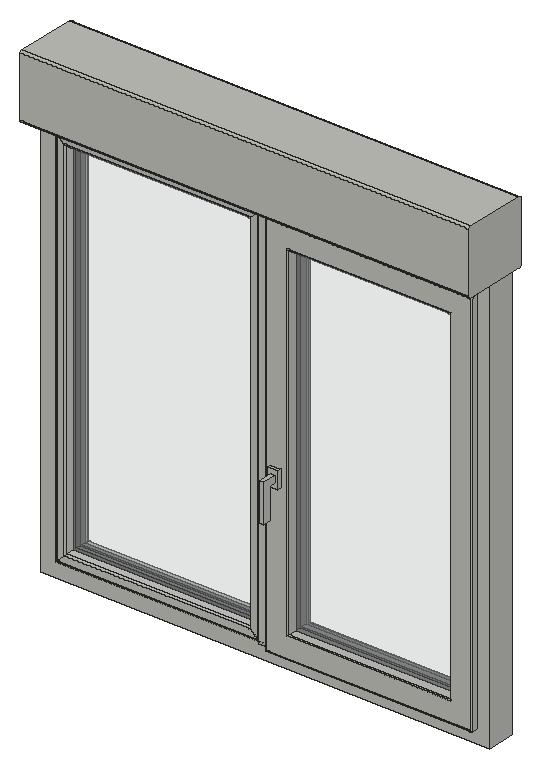
Revit family "2021_ES_Ventana_Replus_RE80-PVC-i30-11103_Cajon-Persiana", category Windows, host Wall, Revit 2021
Family settings
  Host = Wall
  OmniClass Number = 23.30.20.00
  OmniClass Title = Windows
  Always vertical = Yes
  Cut with Voids When Loaded = No
  Shared = No
  Room Calculation Point = No
Parameters (values of type "11103")
  Ι_Wll Thcknss [instance] = 200.000 mm
  Ι_Wdth Cntrl = if(Width < 791.000 mm, 791.000 mm, if(Width > 2961.000 mm, 2961.000 mm, Width))  # 1300.000 mm
  Ι_Nst Cntrl [instance] = if(Retranqueo > Ι_Wll Thcknss - 80.000 mm, Ι_Wll Thcknss - 80.000 mm, if(Retranqueo = Ι_Wll Thcknss - 80.000 mm, Ι_Wll Thcknss - 80.000 mm, Retranqueo))  # 0.000 mm
  Ι_Hndl Hght Cntrl = if(Altura de Manilla < 200.000 mm, 200.000 mm, if(Altura de Manilla > Ι_Hght Cntrl - 150.000 mm, Ι_Hght Cntrl - 150.000 mm, Altura de Manilla))  # 500.000 mm
  Ι_Hght Cntrl = if(Height < 429.000 mm, 429.000 mm, if(Height > 2658.000 mm, 2658.000 mm, Height))  # 1200.000 mm
  Zona = ""
  Visibilidad Líneas Apertura - Planta = yes
  Visibilidad Líneas Apertura - Alzado = yes
  Vida Util Esperada = ""
  Version Estandar GDO-BIM = "GDO-BIM V02"  # constant formula
  Version = "RVT2021"  # constant formula
  Verano de transmitancia termica = 0
  Unidad Medicion = ""
  Unidad = ""
  Uniclass2015 Titulo = ""
  Uniclass2015 Codigo = ""
  URL de Declaracion de Prestaciones = ""
  URL Producto = "https://replus.es/bim/"
  URL Perfil BIM = "https://bimetica.com/es/objeto-bim-replus-ventana-re80-pvc-i30-1-hoja-oscilobatiente-fijo-lateral-cajon-persiana-11106.html"
  URL = "https://replus.es/"
  UNSPSC Titulo = "Windows"  # constant formula
  UNSPSC Codigo = "30171600"  # constant formula
  Transmitancia termica invierno = 0
  Transmitancia solar = 0
  Transmitancia de ganancia de calor solar = 0
  Transmision de luz visible = 0
  Titular = "Regicarp, S.L."  # constant formula
  Tipo Embalaje Proteccion = ""
  Tiene antepecho interno = no
  Tiene antepecho externo = no
  Tiempo Util De Vida = ""
  Tiempo Medio Entre Fallos = ""
  Telefono Contacto = "+34 966544310"  # constant formula
  Soporte tecnico BIM = ""
  Sistema = ""
  Serie = ""
  Responsable Seguridad = ""
  Responsable Prescripcion = ""
  Responsable Compra = ""
  Residuos Peligrosos por Unidad = 0
  Residuos No Peligrosos por Unidad = 0
  Residuo Radioactivo por Unidad = 0
  Residuo Inerte por Unidad = 0
  Reflectancia solar = 0
  Reflectancia de luz visible = 0
  Referencia Unidad Funcional = ""
  Referencia Lote = ""
  Referencia Contacto Soporte Tecnico = ""
  Referencia Contacto Comercial Venta = ""
  Referencia = "RE 80/PVC/i30"
  Punto de Contacto = ""
  Proteccion con Malla = no
  Plataforma descaga contenido BIM = "www.bimetica.com"
  Periodo Garantia = ""
  Partida URL = ""
  Pais de Venta = ""
  Omniclass Titulo = "Plastic Windows"  # constant formula
  Omniclass Codigo = "23-17 13 17"  # constant formula
  Numero de Licencia = "XXXXXXXX8182 / No-aportada por bimboject AB (anterior)"  # constant formula
  Numero de Declaracion de Prestaciones = ""
  Numero Serie = ""
  Numero Articulo Global Comercial = ""
  Numero Articulo = ""
  Nivel de Riesgo = ""
  Material Envoltura = ""
  Material Contenedor = ""
  Material = PVC - Replus - 9152 - White
  Masterformat Titulo = "Plastic Windows"  # constant formula
  Masterformat Codigo = "08 53 00"  # constant formula
  Marcado CE = no
  Mantenimiento = ""
  Lugar Ensamblaje = ""
  Instrucciones Especiales = ""
  Informacion Tecnica = ""
  IfcExportType = "Oscilobatiente"
  IfcExportAs = "IfcWindow"  # constant formula
  Identificador Garantia = ""
  Historial = "(RVT2021) Actualización GDO-BIM (RVT2015) Creacion de Elemento"  # constant formula
  Gubimclass Titulo = "Ventanas de fachadas"  # constant formula
  Gubimclass Codigo = "30.10.20.10"  # constant formula
  Gas de Relleno = ""
  Garantia Extendida = no
  Fuente Datos LCA = ""
  Formacion Fotoquimica Ozono por Unidad = 0
  Fecha Vencimiento Elemento BIM = ""
  Fecha Suministro = ""
  Fecha Inicio Garantia = ""
  Fecha Fin Garantia = ""
  Fecha Evaluacion = ""
  Fecha Emision Elemento BIM = ""
  Fecha Compra = ""
  Fecha Colocacion = ""
  Fase Ciclo Vida = ""
  Falta de Recursos por Unidad = 0
  Exclusiones = ""
  Eutrofizacion por Unidad = 0
  Etiqueta Modelo = ""
  Estandar seguridad = ""
  Espesor de vidrio 3 = 0.000 mm
  Espesor de vidrio 2 = 0.000 mm
  Espesor de vidrio 1 = 0.000 mm
  Espacio libre acceso = 0.000 mm
  Espacio = ""
  Es templado = no
  Es recubierto = no
  Es laminado = no
  Es Exterior = yes
  Es Accesible = yes
  Energia consumida = 0
  Energia Renovable Consumida por Unidad = 0
  Energia Primaria Total Consumida por Unidad = 0
  Energia No Renovable Consumida por Unidad = 0
  Email Contacto = "info@replus.es"  # constant formula
  Destruccion Capa Ozono Estratosferica por Unidad = 0
  Descripcion Evaluacion = ""
  Dependiente De = ""
  Declaracion Ambiental de Producto URL = ""
  Creditos LEED = ""
  Creditos BREEAM = ""
  Coste Mantenimiento = 0
  Contenido Garantia = ""
  Contacto = ""
  Condiciones de Venta = ""
  Condiciones Evaluacion = ""
  Color de vidrio = ""
  Coeficiente de sombreado = 0
  Codigo Barras = ""
  Codigo = ""
  Clasificacion de carga de viento = ""
  Capas de vidrio = 0
  Cambio Climatico por Unidad = 0
  COBie Categoria = "IfcWindow"
  Base Precio Producto 03 = ""
  Base Precio Producto 02 = ""
  Base Precio Producto 01 = ""
  Autor = "Bimetica Parametric Design Services S.L. (actual) / bimobject AB (anterior)"  # constant formula
  Ano Produccion = ""
  Rough Width = Ι_Wdth Cntrl + 2 * Hueco  # 1320.000 mm
  Altura minima requerida = 0.000 mm
  Rough Height = Ι_Hght Cntrl + 2 * Hueco  # 1220.000 mm
  Retranqueo [instance] = 0.000 mm
  Product Material = PVC - Replus - 9152 - White
  Model = "11103"
  Material secondary = "Glass"
  Material main = "PVC"
  Manufacturer = "Replus"
  Keynote = "08500"
  I_Lf_Cntrl = (Ι_Wdth Cntrl - 36.800 mm) / 2 - 33.000 mm  # 598.600 mm
  I_Glss_Wdth = (Ι_Wdth Cntrl - 36.800 mm) / 2 - 33.000 mm  # 598.600 mm
  I_Glss_Hght_Crs_2 = Ι_Hght Cntrl - 2.000 mm * 56.8  # 1086.400 mm
  I_Glss_Hght_Crs = Ι_Hght Cntrl - 2.000 mm * 100.8  # 998.400 mm
  Hueco = 10.000 mm
  Height = 1200.000 mm
  Exceso Dimensiones = or(and(Height < 429.000 mm, Advertencia Dimensión), and(Width < 791.000 mm, Advertencia Dimensión), and(Width > 2961.000 mm, Advertencia Dimensión), and(Height > 2658.000 mm, Advertencia Dimensión))  # no
  Edition number = 1
  Description = "Perfiles de hoja oculta en PVC, mejorando sustancialmente el campo visual, con triple junta (mediante junta rigida en el marco) protegiendo de esta manera todos los puntos de cierre, aumentando la seguridad y proporcionando una junta perimetral completa, con perfilería de clasificación máxima S-II-A"
  Default Sill Height = 800.000 mm
  Wall Closure = By host
  Width = 1300.000 mm
  Assembly Code = "B2020100"
  Analytic Construction = "<None>"
  Altura de Manilla = 500.000 mm
  Agua Consumida por Unidad = 0
  Advertencia Dimensión = yes
  Acidificacion Atmosferica por Unidad = 0
  Acabado = ""
  Absorcion solar = 0
Reference planes
  plane 1 "Center (Front/Back)": y = 0
  plane 2 "Center (Left/Right)": x = 0
  plane 3 "Left": x = -660
  plane 4 "Right": x = 660
  plane 5 "Sill": z = 800
  plane 6 "Head": z = 2205
  plane 7 "Exterior": y = 100
  plane 8 "Interior": y = -100
  plane 9: x = -650
  plane 10: x = 650
  plane 11: z = 2010
  plane 12: z = 810
  plane 13 "Inset": y = -20
  plane 14: x = -613.2
  plane 15: x = 613.2
  plane 16: z = 1973.2
  plane 17: z = 1410
  plane 18: y = -51.5
  plane 19: z = 1950.389
  plane 20: z = 869.611
  plane 21: x = 63.191
  plane 22: x = -37.006
  plane 23: x = 44.5
  plane 24: x = -325
  plane 25: x = 325
  plane 26: x = -3
  plane 27 "1": x = 3
  plane 28: x = -43.006
  plane 29: x = 79.191
  plane 30: z = 1944.389
  plane 31: z = 875.611
  plane 32: z = 1310
  plane 33 "Leaf": x = 15.191
  plane 34 "a": x = -605.2
  plane 35 "b": x = -21.05
  plane 36 "c": z = 1965.2
  plane 37 "d": z = 854.6
  plane 38: x = -612.2
  plane 39: z = 1972.2
  plane 40 "glass": y = -38.5
  plane 41: y = -42.5
  plane 42: y = -56.5
  plane 43: y = -60.5
  plane 44: y = -74.5
  plane 45: y = -78.5
  plane 46: x = -53.014
  plane 47: z = 1929.73
  plane 48: z = 886.664
  plane 49: z = 890.07
  plane 50: z = 1925.2
  plane 51: z = 1907
  plane 52: z = 894.8
  plane 53: z = 912.8
  plane 54: y = 500
  plane 55: x = 58.191
  plane 56 "12": z = 1930.2
  plane 57 "23": z = 889.8
  plane 58: y = -38.5
  plane 59: y = -118.5
  plane 60: y = -78.5
  plane 61: y = -60.5
  plane 62: x = -578.189
  plane 63: x = -580.2
  plane 64: z = 1953.2
  plane 65 "coarse": y = -69.25
  plane 66: z = 881.861
  plane 67 "r4": z = 879.8
  plane 68: z = 1938.389
  plane 69 "r3": z = 1940.2
  plane 70: z = 1909.2
  plane 71: x = 565.2
  plane 72: x = 570.2
  plane 73: x = 549.2
  plane 74 "r1": x = 48.191
  plane 75 "r2": x = 580.2
  plane 76: y = -100
  plane 77: y = -46.5
  plane 78: y = -64.5
  plane 79: y = -68.5
  plane 80: y = -86.5
  plane 81: y = -90.5
  plane 82: z = 910.8
  plane 83: z = 866.8
  plane 84: x = -584.189
  plane 85: y = 10
  plane 86: z = 2195
Forms (mm)
  Sweep 1, solid, material "PVC - Replus - 9152 - White" <- "Product Material", detail levels fine
    path origin (0, -20, 0) x (-1, 0, 0) y (0, 0, 1)
      loop
        line (650, 2010) -> (-650, 2010) -> (-650, 810) -> (650, 810) -> (650, 2010)
    profile origin (-650, -20, 1410) x (1, 0, 0) y (0, 1, 0)
      loop
        line (0, -80) -> (43.8, -80)
        arc (43.8, -80) -> (44.507, -79.707) -> (44.8, -79) r 1
        line (44.8, -79) -> (44.8, -38) -> (63.811, -38) -> (63.811, -18.5) -> (75.767, -18.5)
        arc (75.767, -18.5) -> (76.56, -18.109) -> (76.733, -17.241) r 1
        line (76.733, -17.241) -> (72.709, -2.224)
        arc (72.709, -2.224) -> (71.637, -0.62) -> (69.811, 0) r 3
        line (69.811, 0) -> (0, 0) -> (0, -80)
  Extrusion 2, solid, material "Glass - Replus", detail levels fine
    sketch origin (0, 0, 0) x (1, 0, 0) y (0, 1, 0)
      loop
        line (63.191, -46.5) -> (565.2, -46.5) -> (565.2, -42.5) -> (63.191, -42.5) -> (63.191, -46.5)
      loop
        line (63.191, -64.5) -> (63.191, -68.5) -> (565.2, -68.5) -> (565.2, -64.5) -> (63.191, -64.5)
      loop
        line (63.191, -86.5) -> (63.191, -90.5) -> (565.2, -90.5) -> (565.2, -86.5) -> (63.191, -86.5)
    from 894.8 to 1925.2
  Sweep 3, solid, material "PVC - Replus - 9152 - White" <- "Product Material", detail levels fine
    path origin (0, -20, 0) x (-1, 0, 0) y (0, 0, 1)
      loop
        line (0, 1973.2) -> (0, 846.8)
    profile origin (0, -20, 1410) x (0, 1, 0) y (-1, 0, 0)
      loop
        line (-79, -23.141) -> (-67.975, -23.141) -> (-67.975, -20.141) -> (-38, -20.141) -> (-38, -42.152) -> (-36.218, -42.152) -> (-28.93, -29.53) -> (-14.937, -28.305) -> (-12.933, -42.561) -> (-18.5, -43.344) -> (-18.5, -55.411) -> (-2.224, -51.05)
        arc (-2.224, -51.05) -> (-0.62, -49.978) -> (0, -48.152) r 3
        line (0, -48.152) -> (0, 46.852)
        arc (0, 46.852) -> (-0.62, 48.679) -> (-2.224, 49.75) r 3
        line (-2.224, 49.75) -> (-18.5, 54.111) -> (-18.5, 42.044) -> (-12.933, 41.262) -> (-14.937, 27.006) -> (-28.93, 28.23) -> (-36.218, 40.852) -> (-38, 40.852) -> (-38, 18.842) -> (-67.975, 18.842) -> (-67.975, 20.995) -> (-75.579, 20.995) -> (-79, 20.995)
        arc (-79, 20.995) -> (-79.707, 20.702) -> (-80, 19.995) r 1
        line (-80, 19.995) -> (-80, -22.141)
        arc (-80, -22.141) -> (-79.707, -22.848) -> (-79, -23.141) r 1
  Sweep 4, solid, material "PVC - Replus - 9152 - White" <- "Product Material", detail levels fine
    path origin (0, -20, 0) x (-1, 0, 0) y (0, 0, 1)
      loop
        line (-613.2, 1973.2) -> (-613.2, 846.8) -> (-15.191, 846.8) -> (-15.191, 1973.2) -> (-613.2, 1973.2)
    profile origin (15.191, -20, 1410) x (0, 1, 0) y (-1, 0, 0)
      loop
        line (-32.5, -33) -> (-42, -33) -> (-42, -27.5) -> (-42, -20) -> (-80, -20) -> (-80, -7.5) -> (-80, 0) -> (-95.5, 0)
        arc (-95.5, 0) -> (-97.621, -0.879) -> (-98.5, -3) r 3
        line (-98.5, -3) -> (-98.5, -61)
        arc (-98.5, -61) -> (-97.621, -63.121) -> (-95.5, -64) r 3
        line (-95.5, -64) -> (-70.5, -64) -> (-70.5, -43) -> (-22.5, -43) -> (-22.5, -40.495) -> (-22.5, -33) -> (-32.5, -33)
  Sweep 5, solid, material "PVC - Replus - 9152 - White" <- "Product Material", detail levels medium
    path origin (0, -20, 0) x (-1, 0, 0) y (0, 0, 1)
      loop
        line (650, 2010) -> (-650, 2010) -> (-650, 810) -> (650, 810) -> (650, 2010)
    profile origin (-650, -20, 1410) x (1, 0, 0) y (0, 1, 0)
      loop
        line (0, -80) -> (56.8, -80) -> (56.8, -42) -> (69.8, -42) -> (69.8, -18.5) -> (76.662, -18.5) -> (76.662, 0) -> (0, 0) -> (0, -80)
  Sweep 6, solid, material "PVC - Replus - 9152 - White" <- "Product Material", detail levels medium
    path origin (0, -20, 0) x (-1, 0, 0) y (0, 0, 1)
      loop
        line (-15.191, 1973.2) -> (-613.2, 1973.2) -> (-613.2, 846.8) -> (-15.191, 846.8) -> (-15.191, 1973.2)
    profile origin (15.191, -20, 1410) x (1, 0, 0) y (0, 1, 0)
      loop
        line (20, -42) -> (20, -80) -> (0, -80) -> (0, -98.5) -> (64, -98.5) -> (64, -70.5) -> (43, -70.5) -> (43, -22.5) -> (33, -22.5) -> (33, -42) -> (20, -42)
  Sweep 7, solid, material "Rubber - Replus - Black", detail levels fine
    path origin (0, -20, 0) x (-1, 0, 0) y (0, 0, 1)
      loop
        line (578.189, 1938.389) -> (43.006, 1938.389) -> (43.006, 881.861) -> (578.189, 881.861) -> (578.189, 1938.389)
    profile "Profile 06 - Fijo Inferior - Metal Glass Seal Leaf Narrow FW - M : Profile 06 - Fijo Inferior - Metal Glass Seal Leaf Narrow" origin (-43.006, -20, 1410.125) x (-1, 0, 0) y (0, 1, 0)
      loop
        line (8, -36.5) -> (8, -22.5) -> (0, -22.5) -> (0, -36.5) -> (8, -36.5)
      loop
        line (8, -54.5) -> (8, -40.5) -> (0, -40.5) -> (0, -54.5) -> (8, -54.5)
  Sweep 8, solid, material "PVC - Replus - 9152 - White" <- "Product Material", detail levels coarse
    path origin (0, -20, 0) x (-1, 0, 0) y (0, 0, 1)
      loop
        line (650, 2010) -> (-650, 2010) -> (-650, 810) -> (650, 810) -> (650, 2010)
    profile origin (-650, -20, 1410) x (1, 0, 0) y (0, 1, 0)
      loop
        line (0, -80) -> (56.8, -80) -> (56.8, -18.5) -> (76.662, -18.5) -> (76.662, 0) -> (0, 0) -> (0, -80)
  Sweep 9, solid, material "PVC - Replus - 9152 - White" <- "Product Material", detail levels coarse
    path origin (0, -20, 0) x (-1, 0, 0) y (0, 0, 1)
      loop
        line (-15.191, 1973.2) -> (-613.2, 1973.2) -> (-613.2, 846.8) -> (-15.191, 846.8) -> (-15.191, 1973.2)
    profile origin (15.191, -20, 1410) x (1, 0, 0) y (0, 1, 0)
      loop
        line (20, -75.1) -> (20, -80) -> (7.5, -80) -> (0, -80) -> (0, -98.5) -> (64, -98.5) -> (64, -18.5) -> (43, -18.5) -> (40.495, -18.5) -> (20, -18.5) -> (20, -75.1)
  Extrusion 10, solid, material "Glass - Replus", detail levels medium
    sketch origin (0, 0, 0) x (1, 0, 0) y (0, 1, 0)
      loop
        line (570.2, -42.5) -> (58.191, -42.5) -> (58.191, -90.5) -> (570.2, -90.5) -> (570.2, -42.5)
    from 889.8 to 1930.2
  Sweep 11, solid, material "PVC - Replus - 9152 - White" <- "Product Material", detail levels coarse
    path origin (0, -20, 0) x (-1, 0, 0) y (0, 0, 1)
      loop
        line (0, 854.6) -> (0, 1965.2)
    profile origin (0, -20, 1409.9) x (1, 0, 0) y (0, 1, 0)
      loop
        line (-53.014, -80) -> (35.191, -80) -> (35.191, 0) -> (-53.014, 0) -> (-53.014, -80)
  Sweep 12, solid, material "PVC - Replus - 9152 - White" <- "Product Material", detail levels fine
    path origin (0, -20, 0) x (-1, 0, 0) y (0, 0, 1)
      loop
        line (612.2, 1972.2) -> (13.995, 1972.2) -> (13.995, 847.8) -> (612.2, 847.8) -> (612.2, 1972.2)
    profile origin (-612.2, -20, 1410) x (1, 0, 0) y (0, 1, 0)
      loop
        line (8.15, -79.982) -> (27.819, -79.284)
        arc (27.819, -79.284) -> (30.754, -78.201) -> (32.47, -75.585) r 4.995
        line (32.47, -75.585) -> (37.048, -58.5) -> (29.292, -58.5) -> (21.485, -66.307) -> (21.485, -69.507) -> (7, -69.507) -> (7, -76.2) -> (7, -78.872)
        arc (7, -78.872) -> (7.339, -79.671) -> (8.15, -79.982) r 1.111
  Sweep 13, solid, material "PVC - Replus - 9152 - White" <- "Product Material", detail levels medium
    path origin (120, -20, 0) x (-1, 0, 0) y (0, 0, 1)
      loop
        line (120, 854.6) -> (120, 1965.2)
    profile origin (0, -20, 1409.9) x (1, 0, 0) y (0, 1, 0)
      loop
        line (-37.006, -18.5) -> (-37.006, -64.786) -> (-35.486, -66.307) -> (-33, -66.307) -> (-33, -80) -> (35.191, -80) -> (35.191, -42) -> (48.191, -42) -> (48.191, -18.5) -> (54.365, -18.5) -> (54.365, 0) -> (-53.014, 0) -> (-53.014, -18.5) -> (-37.006, -18.5)
  Sweep 14, solid, material "PVC - Replus - 9152 - White" <- "Product Material", detail levels medium
    path origin (0, -20, 0) x (-1, 0, 0) y (0, 0, 1)
      loop
        line (612.2, 1972.2) -> (14, 1972.2) -> (14, 847.8) -> (612.2, 847.8) -> (612.2, 1972.2)
    profile origin (-612.2, -20, 1410) x (1, 0, 0) y (0, 1, 0)
      loop
        line (19, -80) -> (31.287, -80) -> (37.048, -58.5) -> (29.292, -58.5) -> (21.485, -66.307) -> (19, -66.307) -> (19, -80)
  Extrusion 15, solid, material "Glass - Replus", detail levels fine
    sketch origin (0, 0, 0) x (1, 0, 0) y (0, 1, 0)
      loop
        line (-584.189, -38.5) -> (-584.189, -42.5) -> (-37.006, -42.5) -> (-37.006, -38.5) -> (-584.189, -38.5)
      loop
        line (-584.189, -56.5) -> (-584.189, -60.5) -> (-37.006, -60.5) -> (-37.006, -56.5) -> (-584.189, -56.5)
      loop
        line (-584.189, -74.5) -> (-584.189, -78.5) -> (-37.006, -78.5) -> (-37.006, -74.5) -> (-584.189, -74.5)
    from 875.611 to 1944.389
  Extrusion 16, solid, material "Glass - Replus", detail levels medium
    sketch origin (0, 0, 0) x (1, 0, 0) y (0, 1, 0)
      loop
        line (-580.2, -38.5) -> (-580.2, -78.5) -> (-37.006, -78.5) -> (-37.006, -38.5) -> (-580.2, -38.5)
    from 879.8 to 1940.2
  Extrusion 17, solid, material "Glass - Replus", detail levels coarse
    sketch origin (-15.198, 0, 0) x (1, 0, 0) y (0, 1, 0)
      loop
        line (94.389, -38.5) -> (94.389, -118.5) -> (564.398, -118.5) -> (564.398, -38.5) -> (94.389, -38.5)
    from 910.8 to 1909.2
  Extrusion 18, solid, material "Glass - Replus", detail levels coarse
    sketch origin (0, 0, 0) x (1, 0, 0) y (0, 1, 0)
      loop
        line (-593.2, -38.5) -> (-593.2, -100) -> (-53.014, -100) -> (-53.014, -38.5) -> (-593.2, -38.5)
    from 866.8 to 1953.2
  Sweep 19, solid, material "Rubber - Replus - Black", detail levels medium+fine
    path origin (0, -20, 0) x (-1, 0, 0) y (0, 0, 1)
      loop
        line (-48.191, 1940.2) -> (-580.2, 1940.2) -> (-580.2, 879.8) -> (-48.191, 879.8) -> (-48.191, 1940.2)
    profile origin (48.191, -20, 1410) x (1, 0, 0) y (0, 1, 0)
      loop
        line (0, -22.5) -> (31, -22.5) -> (31, -18.5) -> (0, -18.5) -> (0, -22.5)
  Sweep 20, solid, material "Rubber - Replus - Black", detail levels fine
    path origin (0, -20, 0) x (-1, 0, 0) y (0, 0, 1)
      loop
        line (-48.191, 1940.2) -> (-580.2, 1940.2) -> (-580.2, 879.8) -> (-48.191, 879.8) -> (-48.191, 1940.2)
    profile origin (48.191, -20, 1410) x (1, 0, 0) y (0, 1, 0)
      loop
        line (21, -26.5) -> (21, -44.5) -> (27, -44.5) -> (27, -26.5) -> (21, -26.5)
      loop
        line (21, -66.5) -> (27, -66.5) -> (27, -48.5) -> (21, -48.5) -> (21, -66.5)
Cuts and joins
  joined: Sweep 8, Sweep 11
  joined: Sweep 5, Sweep 13
Lines and regions (mm)
  Opening 1
    outline origin (3500, -100, 0) x (1, 0, 0) y (0, 0, 1)
      loop
        line (-2840, 800) -> (-2840, 2205) -> (-4160, 2205) -> (-4160, 800) -> (-2840, 800)
  symbolic lines, style "Symbolic Lines Replus", visible <- "Visibilidad Líneas Apertura - Alzado"
    curve 1: line (325, -20, 1909.198) -> (79.191, -20, 910.8)
    curve 2: line (325, -20, 1909.198) -> (549.2, -20, 910.8)
    curve 3: line (77.191, -20, 1310) -> (549.2, -20, 1909.2)
    curve 4: line (77.191, -20, 1310) -> (549.2, -20, 910.8)
  symbolic lines, detail levels coarse
    curve 5: line (549.2, -78.5, 0) -> (79.191, -78.5, 0)
    curve 6: line (-593.2, -69.25, 0) -> (-53.014, -69.25, 0)
  symbolic lines, visible <- "Visibilidad Líneas Apertura - Planta"
    curve 7: line (613.2, -118.5, 0) -> (613.2, -716.509, 0)
    curve 12: arc (15.191, -118.5, 0) -> (190.998, -542.009, 0) -> (615.049, -716.506, 0) r 598.009
  model lines, style "Symbolic Lines Replus", visible <- "Visibilidad Líneas Apertura - Alzado"
    curve 8: line (549.2, -38.5, 1909.2) -> (77.191, -38.5, 1310)
    curve 9: line (77.191, -38.5, 1310) -> (549.2, -38.5, 910.8)
    curve 10: line (325, -38.5, 1909.2) -> (79.191, -38.5, 910.8)
    curve 11: line (325, -38.5, 1909.2) -> (549.2, -38.5, 910.8)
Text (mm)
  text "EXTERIOR" at (-1963.203, 1332.353, 0), in view "Ref. Level"
  text "INTERIOR" at (-1981.466, -818.386, 0), in view "Ref. Level"
  text "Exterior" at (0, 923.751, 2943.296), in view "Right"
  text "Exterior" at (0, 1040.484, 2685.409), in view "Left"
Dimensions and locks
  equal spacing: plane 3 "Left", plane 2 "Center (Left/Right)", plane 4 "Right"
  "Ι_Wdth Cntrl": plane 9 to plane 10
  "Ι_Hght Cntrl": plane 12 to plane 11
  "Default Sill Height": plane 5 "Sill" to level
  locked: plane 7 "Exterior" to host wall
  locked: plane 8 "Interior" to host wall
  "Hueco": plane 3 "Left" to plane 9
  "Hueco": plane 10 to plane 4 "Right"
  "Hueco": plane 12 to plane 5 "Sill"
  locked: plane 9 to plane 14 at 36.8
  locked: plane 15 to plane 10 at 36.8
  plane 13 "Inset" to plane 18 = 31.500 mm
  locked: plane 2 "Center (Left/Right)" to plane 23 at 44.5
  equal spacing: plane 11, plane 17, plane 12
  equal spacing: plane 9, plane 24, plane 2 "Center (Left/Right)"
  equal spacing: plane 10, plane 25, plane 2 "Center (Left/Right)"
  locked: plane 26 to plane 2 "Center (Left/Right)" at 3
  locked: plane 2 "Center (Left/Right)" to plane 27 "1" at 3
  "Ι_Wll Thcknss": host wall to host wall
  locked: plane 14 to plane 34 "a" at 8
  locked: plane 14 to plane 38 at 1
  locked: plane 28 to plane 22 at 6
  plane 45 to plane 44 to plane 43 to plane 42 to plane 41 to plane 40 "glass" = 4.000 mm locked, 14.000 mm locked, 4.000 mm locked, 14.000 mm locked, 4.000 mm locked
  locked: plane 40 "glass" to plane 13 "Inset" at 18.5
  locked: plane 21 to plane 29 at 16
  locked: plane 54 to plane 7 "Exterior" at 400
  "Ι_Hndl Hght Cntrl": plane 32 to plane 12
  plane 13 "Inset" to plane 58 to plane 59 = 18.500 mm locked, 80.000 mm locked
  locked: plane 60 to plane 58 at 40
  locked: plane 65 "coarse" to plane 58 at 30.75
  plane 11 to plane 16 to plane 39 to plane 36 "c" to plane 64 to plane 19 to plane 30 = 36.800 mm locked, 1.000 mm locked, 7.000 mm locked, 12.000 mm locked, 2.811 mm locked, 6.000 mm locked
  plane 30 to plane 56 "12" to plane 47 to plane 50 to plane 51 = 14.189 mm locked, 0.470 mm locked, 4.530 mm locked, 18.200 mm locked
  plane 53 to plane 52 to plane 49 to plane 57 "23" to plane 48 to plane 66 to plane 67 "r4" to plane 31 to plane 20 to plane 37 "d" to plane 12 = 18.000 mm locked, 4.730 mm locked, 0.270 mm locked, 3.136 mm locked, 4.803 mm locked, 2.061 mm locked, 4.189 mm locked, 6.000 mm locked, 15.011 mm locked, 44.600 mm locked
  locked: plane 30 to plane 68 at 6
  locked: plane 30 to plane 69 "r3" at 4.189
  locked: plane 70 to plane 51 at 2.2
  plane 73 to plane 71 to plane 72 to plane 15 = 16.000 mm locked, 5.000 mm locked, 43.000 mm locked
  locked: plane 23 to plane 74 "r1" at 3.691
  locked: plane 72 to plane 75 "r2" at 10
  plane 34 "a" to plane 63 to plane 62 = 25.000 mm locked, 2.011 mm locked
  locked: plane 13 "Inset" to plane 76 at 80
  "Ι_Nst Cntrl": plane 8 "Interior" to plane 76
  plane 81 to plane 80 to plane 79 to plane 78 to plane 77 to plane 41 = 4.000 mm locked, 18.000 mm locked, 4.000 mm locked, 18.000 mm locked, 4.000 mm locked
  locked: plane 55 to plane 21 at 5
  plane 53 to plane 82 = 2.000 mm
  locked: plane 20 to plane 83 at 2.811
  locked: plane 84 to plane 63 at 3.989
  locked: plane 35 "b" to Sweep 12 sketch curve at 7.055
  locked: plane 85 to plane 13 "Inset" at 30
  locked: plane 86 to plane 11 at 185
  "Hueco": plane 6 "Head" to plane 86
  aligned and locked: Sweep 1 sketch curve to plane 11
  aligned and locked: Sweep 1 sketch curve to plane 10
  aligned and locked: plane 9 to Sweep 1 sketch curve
  aligned and locked: plane 12 to Sweep 1 sketch curve
  aligned and locked: plane 2 "Center (Left/Right)" to Sweep 3 sketch curve  (x2)
  aligned and locked: Sweep 4 sketch curve to plane 16
  aligned and locked: plane 15 to Sweep 4 sketch curve
  aligned and locked: Sweep 5 sketch curve to plane 10
  aligned and locked: plane 9 to Sweep 5 sketch curve
  aligned and locked: plane 12 to Sweep 5 sketch curve
  aligned and locked: Sweep 5 sketch curve to plane 11
  aligned and locked: Sweep 6 sketch curve to plane 16
  aligned and locked: plane 15 to Sweep 6 sketch curve
  aligned and locked: plane 9 to Sweep 8 sketch curve
  aligned and locked: Sweep 8 sketch curve to plane 11
  aligned and locked: Sweep 8 sketch curve to plane 10
  aligned and locked: plane 12 to Sweep 8 sketch curve
  aligned and locked: Sweep 9 sketch curve to plane 16
  aligned and locked: plane 15 to Sweep 9 sketch curve
  aligned and locked: plane 2 "Center (Left/Right)" to Sweep 11 sketch curve  (x2)
  aligned and locked: plane 16 to Sweep 3 sketch curve
  aligned and locked: plane 28 to Sweep 7 sketch curve
  aligned and locked: plane 33 "Leaf" to Sweep 6 sketch curve
  aligned and locked: plane 33 "Leaf" to Sweep 9 sketch curve
  aligned and locked: Sweep 4 sketch curve to plane 33 "Leaf"
  aligned and locked: plane 38 to Sweep 12 sketch curve
  aligned and locked: Sweep 12 sketch curve to plane 39
  aligned and locked: plane 2 "Center (Left/Right)" to Sweep 13 sketch curve  (x2)
  aligned and locked: Extrusion 2 to plane 52
  aligned and locked: Extrusion 2 to plane 50
  aligned and locked: plane 44 to Extrusion 15 sketch curve
  aligned and locked: Extrusion 15 sketch curve to plane 45
  aligned and locked: Extrusion 15 sketch curve to plane 43
  aligned and locked: plane 42 to Extrusion 15 sketch curve
  aligned and locked: plane 40 "glass" to Extrusion 15 sketch curve
  aligned and locked: Extrusion 15 sketch curve to plane 41
  aligned and locked: plane 22 to Extrusion 15 sketch curve  (x3)
  aligned and locked: plane 40 "glass" to Extrusion 16 sketch curve
  aligned and locked: plane 22 to Extrusion 16 sketch curve
  aligned and locked: Sweep 14 sketch curve to plane 39
  aligned and locked: plane 38 to Sweep 14 sketch curve
  aligned and locked: plane 36 "c" to Sweep 13 sketch curve
  aligned and locked: plane 37 "d" to Sweep 13 sketch curve
  aligned and locked: plane 36 "c" to Sweep 11 sketch curve
  aligned and locked: plane 37 "d" to Sweep 11 sketch curve
  aligned and locked: nested 2 to plane 54
  aligned and locked: nested 2 to plane 2 "Center (Left/Right)"
  aligned and locked: plane 32 to curve 4
  aligned and locked: Extrusion 10 sketch curve to plane 55
  aligned and locked: Extrusion 10 to plane 56 "12"
  aligned and locked: Extrusion 10 to plane 57 "23"
  aligned and locked: Extrusion 17 sketch curve to plane 59
  aligned and locked: plane 58 to Extrusion 17 sketch curve
  aligned and locked: plane 25 to curve 2
  aligned and locked: curve 5 to plane 60
  aligned and locked: plane 60 to curve 5
  aligned and locked: plane 62 to Sweep 7 sketch curve
  aligned and locked: plane 63 to Extrusion 16 sketch curve
  aligned and locked: plane 46 to Extrusion 18 sketch curve
  aligned and locked: plane 58 to Extrusion 18 sketch curve
  aligned and locked: plane 64 to Extrusion 18
  aligned and locked: plane 65 "coarse" to curve 6  (x2)
  aligned and locked: plane 46 to curve 6
  aligned and locked: plane 30 to Extrusion 15
  aligned and locked: Extrusion 16 to plane 67 "r4"
  aligned and locked: Extrusion 15 to plane 31
  aligned and locked: plane 66 to Sweep 7 sketch curve
  aligned and locked: Sweep 7 sketch curve to plane 68
  aligned and locked: plane 69 "r3" to Extrusion 16
  aligned and locked: plane 15 to curve 7
  aligned and locked: plane 70 to curve 8
  aligned and locked: plane 70 to curve 10
  aligned and locked: plane 25 to curve 10
  aligned and locked: plane 24 to nested 3
  aligned and locked: plane 64 to nested 3
  aligned and locked: plane 65 "coarse" to nested 3
  aligned and locked: plane 59 to curve 12
  aligned and locked: plane 33 "Leaf" to curve 12
  aligned and locked: plane 59 to curve 7
  aligned and locked: plane 25 to nested 4
  aligned and locked: plane 60 to nested 4
  aligned and locked: plane 70 to nested 4
  aligned and locked: Extrusion 17 to plane 70
  aligned and locked: plane 32 to curve 8
  aligned and locked: Extrusion 10 sketch curve to plane 41
  aligned and locked: Extrusion 2 sketch curve to plane 21
  aligned and locked: plane 21 to Extrusion 2 sketch curve  (x2)
  aligned and locked: Extrusion 2 sketch curve to plane 71
  aligned and locked: plane 71 to Extrusion 2 sketch curve  (x2)
  aligned and locked: plane 73 to Extrusion 17 sketch curve
  aligned and locked: Extrusion 10 sketch curve to plane 72
  aligned and locked: Sweep 19 sketch curve to plane 69 "r3"
  aligned and locked: plane 67 "r4" to Sweep 19 sketch curve
  aligned and locked: plane 74 "r1" to Sweep 19 sketch curve
  aligned and locked: plane 75 "r2" to Sweep 19 sketch curve
  aligned and locked: plane 74 "r1" to Sweep 20 sketch curve
  aligned and locked: plane 75 "r2" to Sweep 20 sketch curve
  aligned and locked: Sweep 20 sketch curve to plane 69 "r3"
  aligned and locked: plane 67 "r4" to Sweep 20 sketch curve
  aligned and locked: plane 29 to Extrusion 17 sketch curve
  aligned and locked: nested 1 to plane 32
  aligned and locked: plane 23 to nested 1
  aligned and locked: plane 77 to Extrusion 2 sketch curve
  aligned and locked: Extrusion 2 sketch curve to plane 41
  aligned and locked: plane 78 to Extrusion 2 sketch curve
  aligned and locked: Extrusion 2 sketch curve to plane 79
  aligned and locked: plane 80 to Extrusion 2 sketch curve
  aligned and locked: Extrusion 2 sketch curve to plane 81
  aligned and locked: plane 81 to Extrusion 10 sketch curve
  aligned and locked: Extrusion 16 sketch curve to plane 60
  aligned and locked: plane 29 to curve 5
  aligned and locked: plane 73 to curve 5
  aligned and locked: Extrusion 18 sketch curve to plane 76
  aligned and locked: Extrusion 17 to plane 82
  aligned and locked: Extrusion 18 to plane 83
  aligned and locked: plane 84 to Extrusion 15 sketch curve  (x3)
  aligned and locked: plane 73 to curve 3
  aligned and locked: plane 70 to curve 3
  aligned and locked: plane 73 to curve 4
  aligned and locked: plane 82 to curve 4
  aligned and locked: plane 70 to Extrusion 17
  aligned and locked: plane 73 to Extrusion 17
  aligned and locked: plane 82 to curve 11
  aligned and locked: plane 82 to Extrusion 17  (x2)
  aligned and locked: plane 29 to Extrusion 17
  aligned and locked: plane 29 to curve 10
  aligned and locked: plane 82 to curve 10
  aligned and locked: nested 5 to plane 2 "Center (Left/Right)"
  aligned and locked: nested 5 to plane 11
  aligned and locked: plane 85 to nested 5
Automatic sketch dimensions
  plane 3 "Left" to Opening 1 sketch curve = 0.000 mm
  plane 4 "Right" to Opening 1 sketch curve = 0.000 mm
  Opening 1 sketch curve to plane 5 "Sill" = 0.000 mm
  Opening 1 sketch curve to plane 6 "Head" = 0.000 mm
  Sweep 5 sketch curve to profile plane = 0.000 mm
  Sweep 5 sketch curve to plane 13 "Inset" = 0.000 mm
  Sweep 5 sketch curve to profile plane = 56.800 mm
  Sweep 5 sketch curve to Sweep 5 sketch curve = 13.000 mm
  Sweep 5 sketch curve to Sweep 5 sketch curve = 6.862 mm
  Sweep 5 sketch curve to plane 13 "Inset" = 18.500 mm
  Sweep 5 sketch curve to Sweep 5 sketch curve = 23.500 mm
  Sweep 5 sketch curve to Sweep 5 sketch curve = 38.000 mm
  Sweep 1 sketch curve to profile plane = 0.000 mm
  Sweep 1 sketch curve to plane 13 "Inset" = 0.000 mm
  Sweep 1 sketch curve to profile plane = 43.800 mm
  Sweep 1 sketch curve to Sweep 1 sketch curve = 1.000 mm
  Sweep 1 sketch curve to Sweep 1 sketch curve = 19.011 mm
  Sweep 1 sketch curve to Sweep 1 sketch curve = 6.000 mm
  Sweep 1 sketch curve to plane 13 "Inset" = 2.224 mm
  Sweep 1 sketch curve to Sweep 1 sketch curve = 2.898 mm
  Sweep 1 sketch curve to Sweep 1 sketch curve = 11.956 mm
  Sweep 1 sketch curve to plane 13 "Inset" = 17.241 mm
  Sweep 1 sketch curve to Sweep 1 sketch curve = 0.966 mm
  Sweep 1 sketch curve to Sweep 1 sketch curve = 0.259 mm
  Sweep 1 sketch curve to Sweep 1 sketch curve = 19.500 mm
  Sweep 1 sketch curve to Sweep 1 sketch curve = 41.000 mm
  Sweep 8 sketch curve to profile plane = 0.000 mm
  Sweep 8 sketch curve to plane 13 "Inset" = 0.000 mm
  Sweep 8 sketch curve to profile plane = 56.800 mm
  Sweep 8 sketch curve to Sweep 8 sketch curve = 19.862 mm
  Sweep 8 sketch curve to plane 13 "Inset" = 18.500 mm
  Sweep 8 sketch curve to plane 13 "Inset" = 80.000 mm
  Sweep 13 sketch curve to plane 13 "Inset" = 0.000 mm
  profile plane to Sweep 13 sketch curve = 53.014 mm
  Sweep 13 sketch curve to Sweep 13 sketch curve = 16.008 mm
  Sweep 13 sketch curve to Sweep 13 sketch curve = 1.521 mm  (x2)
  Sweep 13 sketch curve to Sweep 13 sketch curve = 2.486 mm
  Sweep 13 sketch curve to profile plane = 35.191 mm
  Sweep 13 sketch curve to Sweep 13 sketch curve = 13.000 mm
  Sweep 13 sketch curve to Sweep 13 sketch curve = 6.174 mm
  Sweep 13 sketch curve to plane 13 "Inset" = 18.500 mm  (x2)
  Sweep 13 sketch curve to Sweep 13 sketch curve = 23.500 mm
  Sweep 13 sketch curve to Sweep 13 sketch curve = 46.286 mm
  Sweep 13 sketch curve to Sweep 13 sketch curve = 13.693 mm
  Sweep 11 sketch curve to plane 13 "Inset" = 0.000 mm
  profile plane to Sweep 11 sketch curve = 53.014 mm
  Sweep 11 sketch curve to profile plane = 35.191 mm
  Sweep 11 sketch curve to plane 13 "Inset" = 80.000 mm
  Sweep 14 sketch curve to profile plane = 19.000 mm
  Sweep 14 sketch curve to Sweep 14 sketch curve = 2.486 mm
  Sweep 14 sketch curve to Sweep 14 sketch curve = 7.807 mm  (x2)
  Sweep 14 sketch curve to Sweep 14 sketch curve = 12.287 mm
  Sweep 14 sketch curve to Sweep 14 sketch curve = 7.755 mm
  Sweep 14 sketch curve to plane 13 "Inset" = 80.000 mm
  Sweep 14 sketch curve to Sweep 14 sketch curve = 13.693 mm
  Sweep 12 sketch curve to profile plane = 7.000 mm
  Sweep 12 sketch curve to Sweep 12 sketch curve = 1.111 mm
  Sweep 12 sketch curve to Sweep 12 sketch curve = 0.039 mm
  Sweep 12 sketch curve to Sweep 12 sketch curve = 14.485 mm
  Sweep 12 sketch curve to Sweep 12 sketch curve = 6.159 mm
  Sweep 12 sketch curve to Sweep 12 sketch curve = 0.174 mm
  Sweep 12 sketch curve to Sweep 12 sketch curve = 7.807 mm  (x2)
  Sweep 12 sketch curve to Sweep 12 sketch curve = 4.825 mm
  Sweep 12 sketch curve to Sweep 12 sketch curve = 7.755 mm
  Sweep 12 sketch curve to plane 13 "Inset" = 79.982 mm
  Sweep 12 sketch curve to Sweep 12 sketch curve = 0.698 mm
  Sweep 12 sketch curve to Sweep 12 sketch curve = 2.671 mm
  Sweep 12 sketch curve to Sweep 12 sketch curve = 3.699 mm
  Sweep 12 sketch curve to Sweep 12 sketch curve = 4.785 mm
  Sweep 12 sketch curve to Sweep 12 sketch curve = 3.200 mm
  curve 12 to plane 15 = 0.000 mm
  curve 12 to plane 15 = 1.849 mm
  Sweep 4 sketch curve to profile plane = 0.000 mm
  Sweep 4 sketch curve to plane 13 "Inset" = 98.500 mm
  Sweep 4 sketch curve to Sweep 4 sketch curve = 3.000 mm  (x2)
  profile plane to Sweep 4 sketch curve = 7.500 mm
  Sweep 4 sketch curve to Sweep 4 sketch curve = 15.500 mm
  Sweep 4 sketch curve to Sweep 4 sketch curve = 25.000 mm
  Sweep 4 sketch curve to Sweep 4 sketch curve = 28.500 mm
  Sweep 4 sketch curve to Sweep 4 sketch curve = 9.500 mm
  Sweep 4 sketch curve to Sweep 4 sketch curve = 10.000 mm
  Sweep 4 sketch curve to Sweep 4 sketch curve = 12.500 mm
  Sweep 4 sketch curve to Sweep 4 sketch curve = 7.500 mm
  Sweep 4 sketch curve to Sweep 4 sketch curve = 5.500 mm
  Sweep 4 sketch curve to Sweep 4 sketch curve = 7.495 mm
  Sweep 4 sketch curve to Sweep 4 sketch curve = 2.505 mm
  Sweep 4 sketch curve to Sweep 4 sketch curve = 18.000 mm
  Sweep 9 sketch curve to profile plane = 0.000 mm
  Sweep 9 sketch curve to Sweep 9 sketch curve = 7.500 mm
  Sweep 9 sketch curve to Sweep 9 sketch curve = 12.500 mm
  Sweep 9 sketch curve to Sweep 9 sketch curve = 20.495 mm
  Sweep 9 sketch curve to Sweep 9 sketch curve = 2.505 mm
  Sweep 9 sketch curve to Sweep 9 sketch curve = 21.000 mm
  Sweep 9 sketch curve to plane 13 "Inset" = 98.500 mm
  Sweep 9 sketch curve to Sweep 9 sketch curve = 18.500 mm
  Sweep 9 sketch curve to Sweep 9 sketch curve = 4.900 mm
  Sweep 9 sketch curve to plane 13 "Inset" = 18.500 mm
  Sweep 6 sketch curve to profile plane = 0.000 mm
  Sweep 6 sketch curve to Sweep 6 sketch curve = 20.000 mm
  Sweep 6 sketch curve to Sweep 6 sketch curve = 13.000 mm
  Sweep 6 sketch curve to Sweep 6 sketch curve = 23.000 mm
  Sweep 6 sketch curve to Sweep 6 sketch curve = 21.000 mm
  Sweep 6 sketch curve to plane 13 "Inset" = 98.500 mm
  Sweep 6 sketch curve to Sweep 6 sketch curve = 18.500 mm
  Sweep 6 sketch curve to Sweep 6 sketch curve = 9.500 mm
  Sweep 6 sketch curve to Sweep 6 sketch curve = 28.500 mm
  Sweep 6 sketch curve to Sweep 6 sketch curve = 19.500 mm
  Sweep 3 sketch curve to plane 37 "d" = 7.800 mm
  Sweep 4 sketch curve to plane 37 "d" = 7.800 mm
  Sweep 6 sketch curve to plane 37 "d" = 7.800 mm
  Sweep 9 sketch curve to plane 37 "d" = 7.800 mm
  Sweep 12 sketch curve to plane 37 "d" = 6.800 mm
  Sweep 14 sketch curve to plane 37 "d" = 6.800 mm
  plane 35 "b" to Sweep 14 sketch curve = 7.050 mm
  plane 34 "a" to curve 6 = 12.000 mm
  plane 34 "a" to Extrusion 18 sketch curve = 12.000 mm
  Sweep 19 sketch curve to profile plane = 0.000 mm
  Sweep 19 sketch curve to profile plane = 31.000 mm
  Sweep 19 sketch curve to plane 13 "Inset" = 22.500 mm
  Sweep 19 sketch curve to Sweep 19 sketch curve = 4.000 mm
  Sweep 20 sketch curve to profile plane = 21.000 mm
  Sweep 20 sketch curve to Sweep 20 sketch curve = 6.000 mm
  Sweep 20 sketch curve to Sweep 20 sketch curve = 0.000 mm  (x2)
  Sweep 20 sketch curve to plane 13 "Inset" = 66.500 mm
  Sweep 20 sketch curve to Sweep 20 sketch curve = 18.000 mm  (x2)
  Sweep 20 sketch curve to Sweep 20 sketch curve = 4.000 mm
  Sweep 3 sketch curve to plane 13 "Inset" = 80.000 mm
  Sweep 3 sketch curve to Sweep 3 sketch curve = 1.000 mm  (x2)
  Sweep 3 sketch curve to Sweep 3 sketch curve = 3.421 mm
  Sweep 3 sketch curve to Sweep 3 sketch curve = 7.604 mm
  Sweep 3 sketch curve to Sweep 3 sketch curve = 11.025 mm
  Sweep 3 sketch curve to profile plane = 18.842 mm
  Sweep 3 sketch curve to Sweep 3 sketch curve = 29.975 mm  (x2)
  Sweep 3 sketch curve to Sweep 3 sketch curve = 1.782 mm  (x2)
  Sweep 3 sketch curve to profile plane = 40.852 mm
  Sweep 3 sketch curve to Sweep 3 sketch curve = 9.070 mm  (x2)
  Sweep 3 sketch curve to profile plane = 28.230 mm
  Sweep 3 sketch curve to plane 13 "Inset" = 18.500 mm  (x2)
  Sweep 3 sketch curve to profile plane = 27.006 mm
  Sweep 3 sketch curve to Sweep 3 sketch curve = 13.993 mm  (x2)
  Sweep 3 sketch curve to Sweep 3 sketch curve = 5.567 mm  (x2)
  Sweep 3 sketch curve to plane 13 "Inset" = 3.000 mm  (x2)
  Sweep 3 sketch curve to Sweep 3 sketch curve = 0.776 mm  (x2)
  plane 13 "Inset" to Sweep 3 sketch curve = 0.000 mm
  Sweep 3 sketch curve to Sweep 3 sketch curve = 38.982 mm
  Sweep 3 sketch curve to Sweep 3 sketch curve = 2.000 mm
  Sweep 3 sketch curve to Sweep 3 sketch curve = 8.164 mm
  Sweep 3 sketch curve to Sweep 3 sketch curve = 9.389 mm
  Sweep 3 sketch curve to Sweep 3 sketch curve = 12.622 mm
  Sweep 3 sketch curve to Sweep 3 sketch curve = 14.256 mm
  Sweep 3 sketch curve to Sweep 3 sketch curve = 5.591 mm  (x2)
  Sweep 3 sketch curve to Sweep 3 sketch curve = 12.067 mm  (x2)
  Sweep 3 sketch curve to Sweep 3 sketch curve = 1.153 mm
  Sweep 3 sketch curve to profile plane = 41.262 mm
  curve 1 to plane 29 = 0.000 mm
  curve 1 to plane 82 = 0.000 mm
  curve 4 to plane 29 = 2.000 mm
  plane 70 to curve 2 = 0.002 mm
  plane 73 to curve 9 = 0.000 mm
  plane 73 to curve 8 = 0.000 mm
  curve 9 to plane 29 = 2.000 mm
Nested families
  nested 1: "Handle" at (44.5, -118.5, 1310) x (1, 0, 0) z (0, -1, 0), type "Handle", detail levels medium+fine
  nested 2: "Dimensions Overconstraint Warning" at (0, 500, 0), visible <- "Exceso Dimensiones", type "Dimensions Overconstraint Warning"
  nested 3: "Glass_Symb_Section_Coarse II" at (-325, -69.25, 866.8), type "Glass_Symb_Section_Coarse II", detail levels coarse
    with Width 598.600 mm, Height 1086.400 mm
  nested 4: "Glass_Symb_Section_Coarse" at (325, -78.5, 910.8), type "Glass_Symb_Section_Coarse", detail levels coarse
    with Width 598.600 mm, Height 998.400 mm
  nested 5: "Shutter Box - Replus" at (0, -82.5, 2010), type "Shutter Box - Replus"
    with Width 1300.000 mm
Definition of nested family "Handle"
  Parameters (values of type "Handle")
    Material = none
    Default Elevation = 1219.200 mm
  Reference planes
    plane 1 "Centre (avant/arrière)": y = 0
    plane 2: z = 0
    plane 3 "Centre (gauche/droite)": x = 0
    plane 4: z = 40
    plane 5: y = -100
    plane 6 "Plaque": z = 10
    plane 7: x = -6
  Forms (mm)
    Extrusion 1, solid
      sketch origin (0, 0, 0) x (1, 0, 0) y (0, 1, 0)
        loop
          line (-1219.2, 1219.2) -> (-1219.2, -1219.2) -> (1219.2, -1219.2) -> (1219.2, 1219.2) -> (-1219.2, 1219.2)
      from 0 to -304.8
    Extrusion 2, solid, material <- "Material"
      sketch origin (0, 0, 0) x (1, 0, 0) y (0, 1, 0)
        loop
          line (-14.231, 24.783) -> (-14.231, -24.783) -> (14.231, -24.783) -> (14.231, 24.783) -> (-14.231, 24.783)
      from 0 to 10
    Sweep 3, solid, material <- "Material"
      path origin (0, 0, 0) x (0, 1, 0) y (0, 0, 1)
        loop
          line (0, 10) -> (0, 40) -> (-100, 40)
      profile origin (0, 0, 25) x (0, -1, 0) y (1, 0, 0)
        loop
          line (10, -6) -> (10, 6) -> (-10, 6) -> (-10, -6) -> (10, -6)
  Dimensions and locks
    plane 4 to plane 2 = 40.000 mm
    plane 5 to plane 1 "Centre (avant/arrière)" = 100.000 mm
    equal spacing: Extrusion 2 sketch curve, plane 3 "Centre (gauche/droite)", Extrusion 2 sketch curve
    equal spacing: Extrusion 2 sketch curve, plane 1 "Centre (avant/arrière)", Extrusion 2 sketch curve
    Extrusion 2 sketch curve to Extrusion 2 sketch curve = 28.462 mm
    Extrusion 2 sketch curve to Extrusion 2 sketch curve = 49.566 mm
    locked: plane 7 to plane 3 "Centre (gauche/droite)" at 6
    aligned and locked: plane 2 to Extrusion 1
    aligned and locked: level to Extrusion 1
    aligned and locked: plane 6 "Plaque" to Extrusion 2
    aligned and locked: plane 6 "Plaque" to Sweep 3 sketch curve
    aligned and locked: plane 5 to Sweep 3 sketch curve
    aligned and locked: Sweep 3 sketch curve to plane 4
    aligned and locked: Sweep 3 sketch curve to plane 1 "Centre (avant/arrière)"
Definition of nested family "Shutter Box - Replus"
  Parameters (values of type "Shutter Box - Replus")
    Width = 600.000 mm
    Shutter Box Material = none
    Default Elevation = 0.000 mm
  Reference planes
    plane 1 "Center (Front/Back)": y = 0
    plane 2: z = 0
    plane 3 "Center (Left/Right)": x = 0
    plane 4: x = -300
    plane 5: x = 300
  Forms (mm)
    Sweep 1, solid, material <- "Shutter Box Material", detail levels fine
      path origin (0, 0, 0) x (1, 0, 0) y (0, 1, 0)
        loop
          line (-300, 0) -> (300, 0)
      profile origin (0, 0, 0) x (0, 1, 0) y (0, 0, 1)
        loop
          line (0, 0) -> (87.5, 0)
          arc (87.5, 0) -> (91.036, 1.464) -> (92.5, 5) r 5
          line (92.5, 5) -> (92.5, 180)
          arc (92.5, 180) -> (91.036, 183.536) -> (87.5, 185) r 5
          line (87.5, 185) -> (-87.5, 185)
          arc (-87.5, 185) -> (-91.036, 183.536) -> (-92.5, 180) r 5
          line (-92.5, 180) -> (-92.5, 5)
          arc (-92.5, 5) -> (-91.036, 1.464) -> (-87.5, 0) r 5
          line (-87.5, 0) -> (0, 0)
    Sweep 2, solid, material <- "Shutter Box Material", detail levels coarse+medium
      path origin (0, 0, 0) x (1, 0, 0) y (0, 1, 0)
        loop
          line (-300, 0) -> (300, 0)
      profile origin (0, 0, 0) x (0, 1, 0) y (0, 0, 1)
        loop
          line (92.5, 0) -> (92.5, 185) -> (-92.5, 185) -> (-92.5, 0) -> (92.5, 0)
  Dimensions and locks
    equal spacing: plane 4, plane 3 "Center (Left/Right)", plane 5
    "Width": plane 4 to plane 5
    aligned and locked: level to plane 2
    aligned and locked: plane 1 "Center (Front/Back)" to Sweep 1 sketch curve  (x2)
    aligned and locked: plane 4 to Sweep 1 sketch curve
    aligned and locked: plane 5 to Sweep 1 sketch curve
    aligned and locked: plane 1 "Center (Front/Back)" to Sweep 2 sketch curve  (x2)
    aligned and locked: plane 4 to Sweep 2 sketch curve
    aligned and locked: plane 5 to Sweep 2 sketch curve
  Automatic sketch dimensions
    Sweep 1 sketch curve to level = 0.000 mm
    Sweep 1 sketch curve to profile plane = 0.000 mm
    profile plane to Sweep 1 sketch curve = 87.500 mm  (x2)
    Sweep 1 sketch curve to Sweep 1 sketch curve = 5.000 mm
    Sweep 1 sketch curve to profile plane = 87.500 mm  (x2)
    level to Sweep 1 sketch curve = 5.000 mm
    Sweep 1 sketch curve to Sweep 1 sketch curve = 175.000 mm
    profile plane to Sweep 2 sketch curve = 92.500 mm
    Sweep 2 sketch curve to profile plane = 92.500 mm
    level to Sweep 2 sketch curve = 0.000 mm
    Sweep 2 sketch curve to Sweep 2 sketch curve = 185.000 mm
Definition of nested family "Dimensions Overconstraint Warning"
  Parameters (values of type "Dimensions Overconstraint Warning")
    Warning = "!"
    W warning = "300<Height<2250"
    Turn off notification = "For other dimensions, please contact K.Line/ Turn off notification"
    Text = "DIMENSIONS OVERCONSTRAINT"
    H warning = "300 mm<Width<1000 mm"
  Reference planes
    plane 1: y = 0
    plane 2: x = 0
  Lines and regions (mm)
    Filled region 1, type "Filled region 1"
      outline origin (0, 0, 0) x (1, 0, 0) y (0, 1, 0)
        loop
          line (0, 4.243) -> (-4.243, 0) -> (0, -4.243) -> (4.243, 0) -> (0, 4.243)
  Text (mm)
    label "!" at (-0.078, 0.428, 0), shows "Warning"
    label "DIMENSION OVERCONSTRAINT" at (1.291, -15.948, 0), shows "Text"
Definition of nested family "Glass_Symb_Section_Coarse II"
  Parameters (values of type "Glass_Symb_Section_Coarse II")
    Width = 698.600 mm
    Height = 798.400 mm
    Default Elevation = 0.000 mm
  Reference planes
    plane 1 "Center (Front/Back)": y = 0
    plane 2: z = 0
    plane 3 "Center (Left/Right)": x = 0
    plane 4: x = -263.7
    plane 5: x = 263.7
    plane 6: z = 798.4
    plane 7: z = 399.2
    plane 8: z = 149
    plane 9: z = 1351
    plane 10: x = -356.7
    plane 11: x = 341.9
  Lines and regions (mm)
    symbolic lines
      curve 1: line (-263.7, 0, 0) -> (263.7, 0, 0)
      curve 2: line (0, 0, 0) -> (0, 0, 798.4)
  Dimensions and locks
    equal spacing: plane 4, plane 3 "Center (Left/Right)", plane 5
    "Width": plane 10 to plane 11
    "Height": plane 6 to plane 2
    equal spacing: plane 6, plane 7, plane 2
    locked: plane 10 to plane 4 at 93
    locked: plane 5 to plane 11 at 78.2
    aligned and locked: level to plane 2
    aligned and locked: plane 1 "Center (Front/Back)" to curve 2
    aligned and locked: plane 1 "Center (Front/Back)" to curve 1
    aligned and locked: plane 4 to curve 1
    aligned and locked: plane 5 to curve 1
    aligned and locked: plane 6 to curve 2
    aligned and locked: plane 2 to curve 2
Definition of nested family "Glass_Symb_Section_Coarse"
  Parameters (values of type "Glass_Symb_Section_Coarse")
    Width = 608.100 mm
    Height = 1500.000 mm
    Default Elevation = 0.000 mm
  Reference planes
    plane 1 "Center (Front/Back)": y = 0
    plane 2: z = 0
    plane 3 "Center (Left/Right)": x = 0
    plane 4: x = -218.45
    plane 5: x = 218.45
    plane 6: z = 1500
    plane 7: z = 750
    plane 8: z = 149
    plane 9: z = 1351
    plane 10: x = -311.45
    plane 11: x = 296.65
  Lines and regions (mm)
    symbolic lines
      curve 1: line (-218.45, 0, 0) -> (218.45, 0, 0)
      curve 2: line (0, 0, 0) -> (0, 0, 1500)
  Dimensions and locks
    equal spacing: plane 4, plane 3 "Center (Left/Right)", plane 5
    "Width": plane 10 to plane 11
    "Height": plane 6 to plane 2
    equal spacing: plane 6, plane 7, plane 2
    locked: plane 10 to plane 4 at 93
    locked: plane 5 to plane 11 at 78.2
    aligned and locked: level to plane 2
    aligned and locked: plane 1 "Center (Front/Back)" to curve 2
    aligned and locked: plane 1 "Center (Front/Back)" to curve 1
    aligned and locked: plane 4 to curve 1
    aligned and locked: plane 5 to curve 1
    aligned and locked: plane 6 to curve 2
    aligned and locked: plane 2 to curve 2
